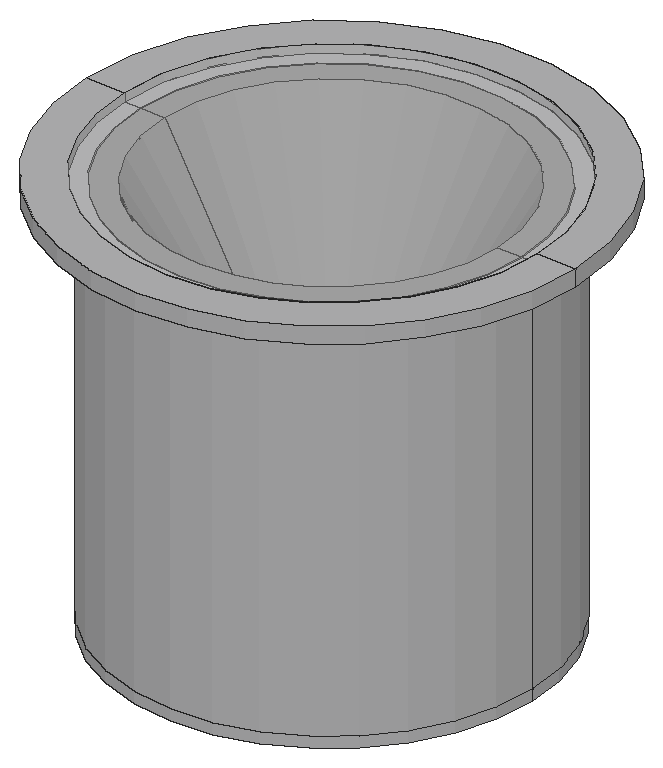
Revit family "2049520 Lighting Fixture_Sylvania_Myriad V LED_Ceiling Recessed", category Lighting Fixtures, host Face, Revit 2015
Parameters (values of type "MYRIAD SS HOUS 3000K DALI EM")
  Weight = 1.40 kg  # constant formula
  Wattage = 5.8835 W
  built-in parameter 1150110 = 1 (stored number, unit not read)
  Voltage Comments = "UNV (Universal Voltage; 220-240 Volt)"  # constant formula
  Voltage = 240 V  # constant formula
  URL = ""
  built-in parameter 1114217 = 1 (stored number, unit not read)
  Tilt Angle = -90.00°  # constant formula
  built-in parameter 1150109 = 1 (stored number, unit not read)
  built-in parameter 1150134 = (empty or 0)
  built-in parameter 1150113 = 1 (stored number, unit not read)
  Reflector Material = Steel_Sylvania_Myrad V LED_Chrome
  Recessed Depth = Height  # 72.0 mm
  Photometric Web File = "2049520_MYRIADVLED16W3KDALI+Emergency-91282.ies"
  Product Page URL = ""
  Product Family = "MYRIAD V LED - HOUSING ONLY"  # constant formula
  Photometry Comments = ""
  built-in parameter 1150105 = 484.89 (stored number, unit not read)
  Lumens = 303 lm
  built-in parameter 1150115 = 1 (stored number, unit not read)
  built-in parameter 1150137 = (empty or 0)
  built-in parameter 1150139 = (empty or 0)
  Life = "50 000"  # constant formula
  built-in parameter 1150112 = 1 (stored number, unit not read)
  built-in parameter 1150114 = 1 (stored number, unit not read)
  Lamp Comments = "18W Citizen Citiled neutral 4000K"
  LOR = "100%"  # constant formula
  Inner Radius = Cutout Radius - 2.0 mm  # 35.5 mm
  built-in parameter 1150132 = 2
  built-in parameter 1150102 = (empty or 0)
  built-in parameter 1150107 = 3000 (stored number, unit not read)
  built-in parameter 1150138 = (empty or 0)
  built-in parameter 1150106 = 4.8489 (stored number, unit not read)
  Emit from Circle Diameter = Diffuser Diameter  # 77.0 mm
  Emit Shape Visible in Rendering = no
  built-in parameter 1150104 = 4.7845 (stored number, unit not read)
  Dimming Lamp Color Temperature Shift = <None>
  Diffuser Diameter = Cutout Diameter + 2.0 mm  # 77.0 mm
  Cutout Radius = Cutout Diameter / 2  # 37.5 mm
  Cutout Diameter = 75.0 mm
  Color Filter = 16777215
  Body Material = Aluminum_Sylvania_Myrad V LED_Silver
  Beam Angle = 30.00°  # constant formula
  built-in parameter 1114218 = 1 (stored number, unit not read)
  built-in parameter 1150133 = 10 (stored number, unit not read)
  IP Rating = "IP20/44(with accessories)"  # constant formula
  Height = 72.0 mm
  Electrical Protection = "CLASS II"  # constant formula
  built-in parameter 1114216 [instance] = 1 (stored number, unit not read)
  Model = "2049520 MYRIAD SS HOUS 3000K DALI EM"
  Manufacturer = "Feilo-Sylvania Group"
  Lamp = "Integrated LED"
  Diffuser Material = Polycarbonate_Sylvania_Myrad V LED_Clear
  Description = "New high output high efficiency LED downlight modules. IR/UV free light source without heat radiation. Energy efficient light source with far superior luminous flux per watt than existing Low Voltage Halogen. Long life up to 50K hours, fit and forget maintenance free lighting solution. Dimmable options including DALI as standard. IP44 & IP65 versions as standard options. New range of Architectural accessories each providing a different lit dimension. Choice of colour temperatures warm 3000K and neutral 4000K. Luminaires supplied complete with LED drivers. Emergency versions passes through cut out. New completely flush plaster up accessory ring for clean ceiling lines and smooth finish. Total circuit power I5W"  # constant formula
  Default Elevation = 0.0 mm
  built-in parameter 1140040 [instance] = 1
  Assembly Code = "D5020200"
  Apparent Load Comments = ""
  Apparent Load = 18 VA
Reference planes
  plane 1 "Center (Front/Back)": y = 0
  plane 2: z = 0
  plane 3 "Center (Left/Right)": x = 0
  plane 4 "Fixture Bottom": z = 3
  plane 5 "Diffuser": z = 1.454
  plane 6 "Fixture Top": z = -72
  plane 7 "Housing Thickness": z = -70
  plane 8 "Reflector Top": z = -33.546
Forms (mm)
  Extrusion 1, void
    sketch origin (0, 0, 58) x (-1, 0, 0) y (0, -1, 0)
      loop
        circle (0, 0) r 37.5
    from -130 to -55
  Revolve 2, solid, material "Aluminum_Sylvania_Myrad V LED_Silver" <- "Body Material", detail levels fine
    sketch origin (0, 0, 0) x (1, 0, 0) y (0, 0, 1)
      loop
        line (-45.521, 3) -> (-45.521, 0) -> (-37.5, 0) -> (-37.5, -70) -> (-35.537, -70) -> (-35.537, 1.454) -> (-38.5, 1.454) -> (-38.5, 3) -> (-45.521, 3)
      axis (0, 3) -> (0, -70)
    angle from 0 to 360
  Extrusion 3, solid, material "Aluminum_Sylvania_Myrad V LED_Silver" <- "Body Material", detail levels fine
    sketch origin (0, 0, 58) x (-1, 0, 0) y (0, -1, 0)
      loop
        circle (0, 0) r 37.5
    from -130 to -128
  Revolve 4, solid, material "Steel_Sylvania_Myrad V LED_Chrome" <- "Reflector Material", detail levels fine
    sketch origin (0, 0, 0) x (1, 0, 0) y (0, 0, 1)
      loop
        line (-35.5, -33.546) -> (0, -33.546) -> (0, -31.083) -> (-12.169, -31.083) -> (-31, 1.454) -> (-35.5, 1.454) -> (-35.5, -33.546)
      axis (0, 1.454) -> (0, -33.546)
    angle from 0 to 360
  Extrusion 5, solid, material "Polycarbonate_Sylvania_Myrad V LED_Clear" <- "Diffuser Material", detail levels fine
    sketch origin (0, 0, 58) x (-1, 0, 0) y (0, -1, 0)
      loop
        circle (0, 0) r 38.5
    from -56.546 to -55
  Revolve 6, solid, material "Aluminum_Sylvania_Myrad V LED_Silver" <- "Body Material", detail levels coarse+medium
    sketch origin (0, 0, 0) x (1, 0, 0) y (0, 0, 1)
      loop
        line (-45.521, 3) -> (-45.521, 0) -> (-37.5, 0) -> (-37.5, -72) -> (0, -72) -> (0, 3) -> (-45.521, 3)
      axis (0, 3) -> (0, -72)
    angle from 0 to 360
Cuts and joins
  joined: Revolve 2, Extrusion 3
Dimensions and locks
  locked: plane 4 "Fixture Bottom" to plane 2 at 3
  locked: plane 5 "Diffuser" to plane 2 at 1.454
  "Height": plane 2 to plane 6 "Fixture Top"
  plane 7 "Housing Thickness" to plane 6 "Fixture Top" = 2.0 mm
  "Cutout Radius": plane 3 "Center (Left/Right)" to Revolve 2 sketch curve
  locked: Revolve 2 sketch curve to Revolve 2 sketch curve at 1.963
  locked: Revolve 2 sketch curve to Revolve 2 sketch curve at 8.021
  locked: Revolve 4 sketch curve to Revolve 4 sketch curve at 2.463
  locked: Revolve 2 sketch curve to Revolve 2 sketch curve at 1
  "Inner Radius": plane 3 "Center (Left/Right)" to Revolve 4 sketch curve
  locked: Revolve 4 sketch curve to Revolve 4 sketch curve at 4.5
  locked: Revolve 4 sketch curve to Revolve 4 sketch curve at 23.331
  locked: plane 5 "Diffuser" to plane 8 "Reflector Top" at 35
  locked: Revolve 6 sketch curve to Revolve 6 sketch curve at 8.021
  "Cutout Radius": Revolve 6 sketch curve to imposter light
  "Cutout Diameter": diameter of Extrusion 1 sketch curve
  "Cutout Diameter": diameter of Extrusion 3 sketch curve
  "Diffuser Diameter": diameter of Extrusion 5 sketch curve
  aligned and locked: host face to plane 2
  aligned and locked: level to host face
  aligned and locked: Revolve 2 sketch curve to plane 4 "Fixture Bottom"
  aligned and locked: Revolve 2 sketch curve to plane 5 "Diffuser"
  aligned and locked: Revolve 2 sketch curve to plane 2
  aligned and locked: Revolve 2 sketch curve to plane 3 "Center (Left/Right)"
  aligned and locked: plane 7 "Housing Thickness" to Extrusion 3
  aligned and locked: Extrusion 3 to plane 6 "Fixture Top"
  aligned and locked: Revolve 2 sketch curve to plane 7 "Housing Thickness"
  aligned and locked: Revolve 4 sketch curve to plane 5 "Diffuser"
  aligned and locked: Revolve 4 sketch curve to plane 3 "Center (Left/Right)"  (x2)
  aligned and locked: Extrusion 5 to plane 5 "Diffuser"
  aligned and locked: plane 4 "Fixture Bottom" to Extrusion 5
  aligned and locked: Revolve 4 sketch curve to plane 8 "Reflector Top"
  aligned and locked: imposter light to plane 3 "Center (Left/Right)"
  aligned and locked: imposter light to plane 4 "Fixture Bottom"
  aligned and locked: imposter light to plane 1 "Center (Front/Back)"
  aligned and locked: Revolve 6 sketch curve to plane 6 "Fixture Top"
  aligned and locked: Revolve 6 sketch curve to imposter light  (x2)
  aligned and locked: Revolve 6 sketch curve to plane 2
  aligned and locked: imposter light to Extrusion 1
  aligned and locked: Extrusion 1 to plane 6 "Fixture Top"
Automatic sketch dimensions
  host sketch curve to host sketch curve = 345.0 mm
  host sketch curve to host sketch curve = 280.0 mm
  plane 1 "Center (Front/Back)" to Extrusion 1 sketch curve = 0.0 mm
  Extrusion 1 sketch curve to plane 3 "Center (Left/Right)" = 0.0 mm
  plane 8 "Reflector Top" to Revolve 2 sketch curve = 16.453 mm
  plane 4 "Fixture Bottom" to Revolve 2 sketch curve = 14.907 mm
  plane 1 "Center (Front/Back)" to Extrusion 3 sketch curve = 0.0 mm
  Extrusion 3 sketch curve to plane 3 "Center (Left/Right)" = 0.0 mm
  plane 4 "Fixture Bottom" to Revolve 4 sketch curve = 9.307 mm
  Revolve 4 sketch curve to Revolve 4 sketch curve = 25.0 mm
  plane 1 "Center (Front/Back)" to Extrusion 5 sketch curve = 0.0 mm
  Extrusion 5 sketch curve to plane 3 "Center (Left/Right)" = 0.0 mm
  Revolve 6 sketch curve to plane 3 "Center (Left/Right)" = 0.0 mm
  plane 8 "Reflector Top" to Revolve 6 sketch curve = 16.453 mm
  Revolve 6 sketch curve to Revolve 6 sketch curve = 14.907 mm
Connectors
  electrical at (0, 0, -72), driven by "Voltage", driven by "Apparent Load"
    settings: on cut or joined group of Revolve 2, Extrusion 3, index 1, voltage 240 V, apparent load 0 VA, apparent load phase1 18 VA, apparent load phase2 0 VA, apparent load phase3 0 VA, power factor 1, load classification "Lighting", number of poles 1, system type 31, power factor state 1, is connector primary yes, connector utility no, sub classification motor no, connector description ""
